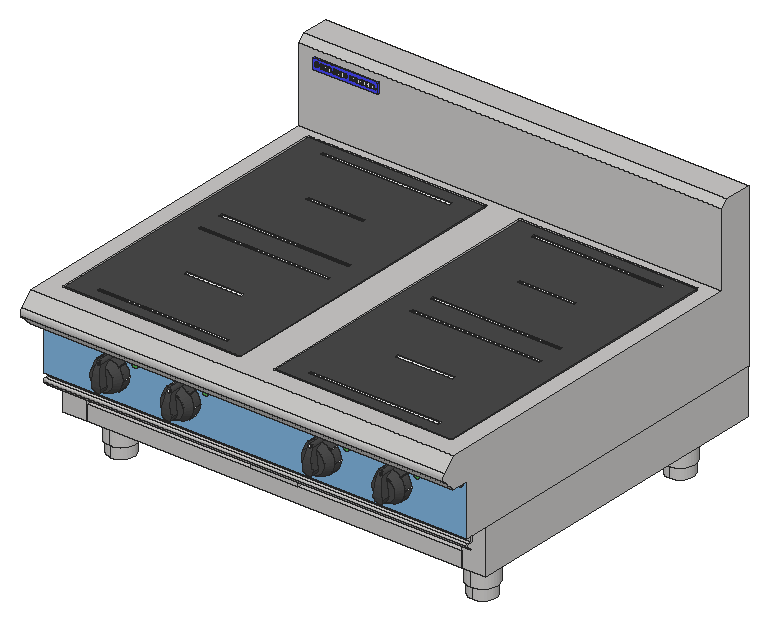
Revit family "QF_Moffat_IN514R5-B_Induction_Cooktop_cat", category Specialty Equipment, Revit 2019 (continued)
Definition of nested family "QF_LOGO_BLue Seal"
  Automatic sketch dimensions
    Extrusion 2 sketch curve to Extrusion 2 sketch curve = 1.12 mm  (x2)
    Extrusion 2 sketch curve to Extrusion 2 sketch curve = 0.929 mm
    Extrusion 2 sketch curve to Extrusion 2 sketch curve = 1.051 mm  (x2)
    Extrusion 2 sketch curve to Extrusion 2 sketch curve = 5.129 mm  (x2)
    Extrusion 2 sketch curve to Extrusion 2 sketch curve = 4.147 mm
    Extrusion 2 sketch curve to Extrusion 2 sketch curve = 0.516 mm
    plane 3 "LEFT" to Extrusion 2 sketch curve = 3.555 mm
    plane 3 "LEFT" to Extrusion 3 sketch curve = 8.107 mm
    Extrusion 3 sketch curve to Extrusion 3 sketch curve = 0.182 mm
    level to Extrusion 3 sketch curve = 7.231 mm
    Extrusion 3 sketch curve to Extrusion 3 sketch curve = 3.969 mm
    Extrusion 4 sketch curve to plane 3 "LEFT" = 8.107 mm
    Extrusion 4 sketch curve to Extrusion 4 sketch curve = 0.088 mm
    Extrusion 4 sketch curve to level = 7.227 mm
    Extrusion 4 sketch curve to Extrusion 4 sketch curve = 3.972 mm
Definition of nested family "Knob"
  Parameters (values of type "Knob")
    Weight in Pounds = 0
    URL Cutsheet = ""
    Specification by User = ""
    Specification by Manufacturer = ""
    Serial Number = ""
    Seismic Rating = ""
    SMACNA No = ""
    Revision Code = ""
    NAFEM Spec ID Number = ""
    Masterspec = ""
    Length = 65 mm
    Item Number = ""
    Installed By = ""
    Identify Quantity as Lot = yes
    Height = 69.5 mm
    Furnished By = ""
    Foodservice Equipment Identifier = yes
    Depth = 59 mm
    CSI MasterFormat = ""
  Reference planes
    plane 1 "BACK": y = 0
    plane 2: z = 0
    plane 3 "LEFT": x = 0
    plane 4 "RIGHT": x = 65
    plane 5 "FRONT": y = -59
    plane 6 "TOP": z = 69.5
    plane 7 "Center Y": x = 32.5
    plane 8 "Center X": y = -29.5
  Forms (mm)
    Revolve 1, solid
      sketch origin (32.5, 175.397, 1219.2) x (0, 1, 0) y (0, 0, 1)
        loop
          line (-175.397, -1186.7) -> (-219.397, -1186.7) -> (-219.397, -1211.501) -> (-202.106, -1219.2) -> (-185.397, -1219.2) -> (-185.397, -1191.7) -> (-175.397, -1191.7) -> (-175.397, -1186.7)
        axis (-219.397, -1186.7) -> (-175.397, -1186.7)
      angle from 0 to 360
    Extrusion 2, solid
      sketch origin (32.5, 175.397, 1219.2) x (0, 1, 0) y (0, 0, 1)
        loop
          line (-202.106, -1154.2) -> (-185.397, -1154.2) -> (-185.397, -1149.7) -> (-224.105, -1149.7)
          arc (-224.105, -1149.7) -> (-233.965, -1178.467) -> (-230.696, -1208.7) r 70
          line (-230.696, -1208.7) -> (-219.397, -1208.7) -> (-219.397, -1161.899) -> (-202.106, -1154.2)
      from -15 to 15
    Extrusion 3, void
      sketch origin (0, 0, 0) x (1, 0, 0) y (0, 0, 1)
        loop
          line (27.501, 64.613) -> (22.02, 20.585)
          arc (22.02, 20.585) -> (32.792, 10.488) -> (42.986, 21.169) r 10.487
          line (42.986, 21.169) -> (37.499, 64.613)
          arc (37.499, 64.613) -> (32.5, 69.5) -> (27.501, 64.613) r 5
        loop
          line (10, 72.977) -> (10, 5.625) -> (55, 5.625) -> (55, 72.977) -> (10, 72.977)
      from 6.142 to 69.687
    Extrusion 4, solid
      sketch origin (0, -34.115, -16.916) x (1, 0, 0) y (0, 0.45399, 0.891007)
        loop
          circle (32.497, 65) r 2
      from 51.525 to 53.075
    Extrusion 5, solid
      sketch origin (32.5, -10, 32.5) x (0, 0, -1) y (-1, 0, 0)
        loop
          line (-23.54, -22.408) -> (-24.106, -22.974)
          arc (-24.106, -22.974) -> (-23.547, -23.547) -> (-22.974, -24.106) r 33.3
          line (-22.974, -24.106) -> (-22.408, -23.54)
          arc (-22.408, -23.54) -> (-22.981, -22.981) -> (-23.54, -22.408) r 32.5
        loop
          arc (-0.8, -33.29) -> (0, -33.3) -> (0.8, -33.29) r 33.3
          line (0.8, -33.29) -> (0.8, -32.49)
          arc (0.8, -32.49) -> (0, -32.5) -> (-0.8, -32.49) r 32.5
          line (-0.8, -32.49) -> (-0.8, -33.29)
        loop
          arc (23.54, -22.408) -> (22.981, -22.981) -> (22.408, -23.54) r 32.5
          line (22.408, -23.54) -> (22.974, -24.106)
          arc (22.974, -24.106) -> (23.547, -23.547) -> (24.106, -22.974) r 33.3
          line (24.106, -22.974) -> (23.54, -22.408)
        loop
          arc (-23.54, 22.408) -> (-22.981, 22.981) -> (-22.408, 23.54) r 32.5
          line (-22.408, 23.54) -> (-22.974, 24.106)
          arc (-22.974, 24.106) -> (-23.547, 23.547) -> (-24.106, 22.974) r 33.3
          line (-24.106, 22.974) -> (-23.54, 22.408)
        loop
          line (-0.8, 33.29) -> (-0.8, 32.49)
          arc (-0.8, 32.49) -> (0, 32.5) -> (0.8, 32.49) r 32.5
          line (0.8, 32.49) -> (0.8, 33.29)
          arc (0.8, 33.29) -> (0, 33.3) -> (-0.8, 33.29) r 33.3
        loop
          line (32.49, -0.8) -> (33.29, -0.8)
          arc (33.29, -0.8) -> (33.3, 0) -> (33.29, 0.8) r 33.3
          line (33.29, 0.8) -> (32.49, 0.8)
          arc (32.49, 0.8) -> (32.5, 0) -> (32.49, -0.8) r 32.5
        loop
          arc (24.106, 22.974) -> (23.547, 23.547) -> (22.974, 24.106) r 33.3
          line (22.974, 24.106) -> (22.408, 23.54)
          arc (22.408, 23.54) -> (22.981, 22.981) -> (23.54, 22.408) r 32.5
          line (23.54, 22.408) -> (24.106, 22.974)
      from 0 to -16.709
  Cuts and joins
    Extrusion 3 cuts Extrusion 2
  Dimensions and locks
    equal spacing: plane 3 "LEFT", plane 7 "Center Y", plane 4 "RIGHT"
    "Length": plane 3 "LEFT" to plane 4 "RIGHT"
    equal spacing: plane 5 "FRONT", plane 8 "Center X", plane 1 "BACK"
    "Depth": plane 5 "FRONT" to plane 1 "BACK"
    "Height": plane 6 "TOP" to level
    plane 4 "RIGHT" to plane 3 "LEFT" = 65 mm
    aligned and locked: level to plane 2
  Automatic sketch dimensions
    Revolve 1 sketch curve to level = 0 mm
    Revolve 1 sketch curve to plane 1 "BACK" = 0 mm  (x2)
    plane 1 "BACK" to Revolve 1 sketch curve = 10 mm
    plane 8 "Center X" to Revolve 1 sketch curve = 2.791 mm
    Revolve 1 sketch curve to plane 8 "Center X" = 14.5 mm
    level to Revolve 1 sketch curve = 7.699 mm
    level to Revolve 1 sketch curve = 27.5 mm
    Revolve 1 sketch curve to Revolve 1 sketch curve = 5 mm
    Revolve 1 sketch curve to Revolve 1 sketch curve = 35 mm
    Revolve 1 sketch curve to Revolve 1 sketch curve = 0 mm
    Extrusion 2 sketch curve to plane 6 "TOP" = 0 mm
    Extrusion 2 sketch curve to plane 5 "FRONT" = 3.702 mm
    Extrusion 2 sketch curve to plane 5 "FRONT" = 10.293 mm
    Extrusion 2 sketch curve to Extrusion 2 sketch curve = 11.298 mm
    plane 8 "Center X" to Extrusion 2 sketch curve = 2.791 mm
    plane 1 "BACK" to Extrusion 2 sketch curve = 10 mm
    Extrusion 2 sketch curve to plane 1 "BACK" = 11 mm
    Extrusion 2 sketch curve to plane 6 "TOP" = 4.5 mm
    Extrusion 2 sketch curve to plane 6 "TOP" = 12.199 mm
    level to Extrusion 2 sketch curve = 32.962 mm
    level to Extrusion 3 sketch curve = 5.625 mm
    Extrusion 3 sketch curve to plane 7 "Center Y" = 0 mm  (x2)
    Extrusion 3 sketch curve to plane 7 "Center Y" = 4.999 mm
    Extrusion 3 sketch curve to plane 7 "Center Y" = 10.48 mm
    plane 6 "TOP" to Extrusion 3 sketch curve = 3.477 mm
    plane 3 "LEFT" to Extrusion 3 sketch curve = 10 mm
    Extrusion 3 sketch curve to plane 6 "TOP" = 4.887 mm
    Extrusion 3 sketch curve to Extrusion 3 sketch curve = 4.999 mm
    plane 7 "Center Y" to Extrusion 3 sketch curve = 10.486 mm
    level to Extrusion 3 sketch curve = 20.585 mm
    Extrusion 3 sketch curve to Extrusion 3 sketch curve = 0.387 mm
    Extrusion 3 sketch curve to Extrusion 3 sketch curve = 0.113 mm
    plane 4 "RIGHT" to Extrusion 3 sketch curve = 10 mm
    Extrusion 5 sketch curve to Revolve 1 = 32.49 mm
    Revolve 1 to Extrusion 5 sketch curve = 32.49 mm
    Extrusion 5 sketch curve to Revolve 1 = 23.54 mm  (x2)
    Revolve 1 to Extrusion 5 sketch curve = 23.54 mm  (x2)
    Extrusion 5 sketch curve to Revolve 1 = 24.106 mm  (x2)
    Revolve 1 to Extrusion 5 sketch curve = 24.106 mm  (x2)
    Revolve 1 to Extrusion 5 sketch curve = 22.408 mm  (x2)
    Extrusion 5 sketch curve to Revolve 1 = 22.408 mm  (x2)
    Revolve 1 to Extrusion 5 sketch curve = 22.974 mm  (x2)
    Extrusion 5 sketch curve to Revolve 1 = 22.974 mm  (x2)
    Extrusion 5 sketch curve to Extrusion 5 sketch curve = 1.6 mm  (x2)
    Revolve 1 to Extrusion 5 sketch curve = 0.8 mm
    Extrusion 5 sketch curve to Revolve 1 = 0.8 mm
    Extrusion 4 sketch curve to plane 7 "Center Y" = 0.003 mm
    radius of Extrusion 5 sketch curve to Revolve 1 = 0 mm  (x7)
    radius of Revolve 1 to Extrusion 5 sketch curve = 0.8 mm  (x7)
    radius of Extrusion 4 sketch curve = 2 mm
